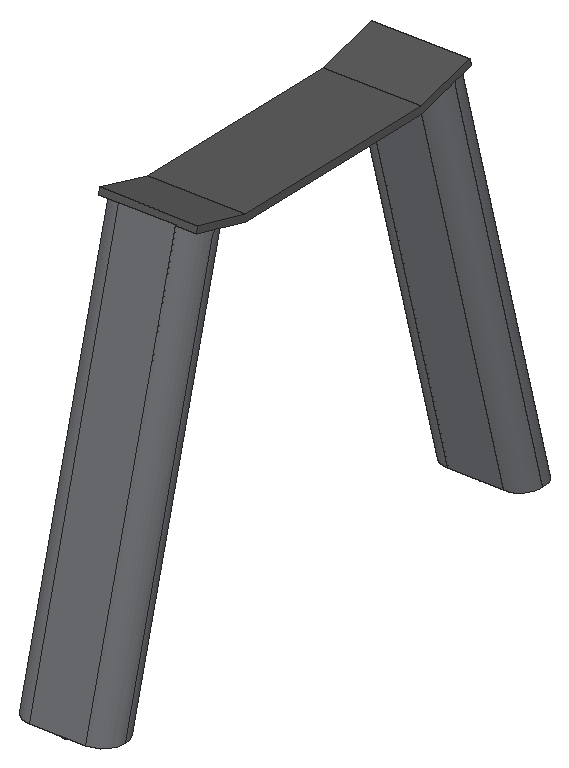
Revit family "PL80100", category Furniture, Revit 2020
Family settings
  OmniClass Number = 23.40.20.00
  OmniClass Title = General Furniture and Specialties
  Work Plane-Based = No
  Always vertical = Yes
  Cut with Voids When Loaded = No
  Shared = No
  Room Calculation Point = No
Parameters (values of type "PL80100")
  Width = 84 mm
  URL = "https://www.sandlerseating.com/product/pl80100/"
  Model = "PL80100"
  Manufacturer = "Sandler"
  Leg Finish = Epoxy - M2_G49
  Height = 450 mm
  Description = "Trestle Aluminum leg for Plania range. Epoxy painted finish. Assembly required"
  Depth = 480 mm
  Default Elevation = 0 mm
Reference planes
  plane 1 "Center (Front/Back)": y = 0
  plane 2: z = 0
  plane 3 "Center (Left/Right)": x = 0
  plane 4 "Right": x = -42
  plane 5 "Left": x = 42
  plane 6 "Back": y = 240
  plane 7 "Front": y = -240
  plane 8 "Height": z = 450
  plane 9 "Seat base": z = 387
  plane 10 "Glide Height": z = 4
  plane 11 "Leg Angle Right": through (4267.2, -129.457, 347.058) normal (0, 0.9659, -0.2588)
  plane 12 "Center L/U": through (4267.2, 129.457, 347.058) normal (0, 0.9659, 0.2588)
  plane 13 "RL C REF": y = -222.186
Forms (mm)
  Sweep 1, solid, material "Epoxy - M2_G49" <- "Leg Finish"
    path origin (0.106, 0, 0) x (0, 0, 1) y (0, -1, 0)
      loop
        line (-5.505, 223.926) -> (353.101, 127.837)
    profile "Pro_Leg_Lozenge : W84xH37" origin (0.106, -175.881, 173.798) x (0, -0.965926, 0.258819) y (1, 0, 0)
      loop
        arc (-18.48, -23.6) -> (-13.088, -36.618) -> (-0.07, -42.01) r 18.41
        arc (-0.07, -42.01) -> (13.007, -36.993) -> (18.48, -24.1) r 17.921
        line (18.48, -24.1) -> (18.48, 23.6)
        arc (18.48, 23.6) -> (13.038, 36.668) -> (-0.07, 42.01) r 18.41
        arc (-0.07, 42.01) -> (-13.088, 36.618) -> (-18.48, 23.6) r 18.41
        line (-18.48, 23.6) -> (-18.48, -23.6)
  Extrusion 2, void
    sketch origin (0.106, 0, 0) x (0, 0, 1) y (0, -1, 0)
      loop
        line (4, 243.879) -> (-11, 243.879) -> (-11, 200.581) -> (4, 200.581) -> (4, 243.879)
    from -43 to 43
  Sweep 3, solid, material "Epoxy - M2_G49" <- "Leg Finish"
    path origin (0.106, 0, 0) x (0, 0, 1) y (0, 1, 0)
      loop
        line (-5.505, 223.926) -> (353.101, 127.837)
    profile "Pro_Leg_Lozenge : W84xH37" origin (0.106, 175.881, 173.798) x (0, -0.965926, -0.258819) y (1, 0, 0)
      loop
        line (-18.48, 23.6) -> (-18.48, -23.6)
        arc (-18.48, -23.6) -> (-13.088, -36.618) -> (-0.07, -42.01) r 18.41
        arc (-0.07, -42.01) -> (13.038, -36.668) -> (18.48, -23.6) r 18.41
        line (18.48, -23.6) -> (18.48, 24.1)
        arc (18.48, 24.1) -> (13.007, 36.993) -> (-0.07, 42.01) r 17.921
        arc (-0.07, 42.01) -> (-13.088, 36.618) -> (-18.48, 23.6) r 18.41
  Extrusion 4, void
    sketch origin (0.106, 0, 0) x (0, 0, 1) y (0, -1, 0)
      loop
        line (4, -243.879) -> (4, -200.581) -> (-11, -200.581) -> (-11, -243.879) -> (4, -243.879)
    from -43 to 43
  Revolve 5, solid, material "Rubber, Black"
    sketch origin (-119.386, -222.186, 0) x (-1, 0, 0) y (0, 0, 1)
      loop
        line (-119.28, 0) -> (-106.067, 0)
        arc (-106.067, 0) -> (-104.829, 0.513) -> (-104.317, 1.75) r 1.75
        line (-104.317, 1.75) -> (-104.317, 6.884) -> (-119.28, 6.884) -> (-119.28, 0)
      axis (-119.28, 0) -> (-119.28, 6.884)
    angle from 0 to 360
  Revolve 6, solid, material "Rubber, Black"
    sketch origin (-119.28, 222.186, 0) x (-1, 0, 0) y (0, 0, -1)
      loop
        line (-119.28, 0) -> (-119.28, -6.884) -> (-104.317, -6.884) -> (-104.317, -1.75)
        arc (-104.317, -1.75) -> (-104.829, -0.513) -> (-106.067, 0) r 1.75
        line (-106.067, 0) -> (-119.28, 0)
      axis (-119.28, 0) -> (-119.28, -6.884)
    angle from 0 to 360
  Extrusion 7, solid, material "Epoxy - M1_B00 - Black"
    sketch origin (-41.684, 0, 0) x (0, 0, 1) y (0, -1, 0)
      loop
        line (357.884, 145.688) -> (343.836, 93.261) -> (343.836, -93.261) -> (357.884, -145.688) -> (363.496, -144.184) -> (349.852, -93.261) -> (349.852, 93.261) -> (363.496, 144.184) -> (357.884, 145.688)
    from 0 to 83.368
Cuts and joins
  Extrusion 2, Extrusion 4 cuts Sweep 1
  Extrusion 4 cuts Sweep 3
Dimensions and locks
  equal spacing: plane 4 "Right", plane 3 "Center (Left/Right)", plane 5 "Left"
  "Width": plane 4 "Right" to plane 5 "Left"
  equal spacing: plane 6 "Back", plane 1 "Center (Front/Back)", plane 7 "Front"
  "Depth": plane 6 "Back" to plane 7 "Front"
  "Height": plane 8 "Height" to level
  plane 9 "Seat base" to level = 387 mm
  level to Extrusion 2 = 4 mm
  aligned and locked: level to plane 2
Automatic sketch dimensions
  plane 11 "Leg Angle Right" to Sweep 1 sketch curve = 0 mm  (x2)
  Sweep 1 sketch curve to plane 13 "RL C REF" = 1.74 mm
  Sweep 1 sketch curve to plane 9 "Seat base" = 33.899 mm
  Extrusion 2 sketch curve to plane 10 "Glide Height" = 0 mm
  Extrusion 2 sketch curve to level = 11 mm
  plane 13 "RL C REF" to Extrusion 2 sketch curve = 21.605 mm
  Extrusion 2 sketch curve to plane 7 "Front" = 3.879 mm
  plane 12 "Center L/U" to Sweep 3 sketch curve = 0 mm  (x2)
  level to Sweep 3 sketch curve = 5.505 mm
  plane 9 "Seat base" to Sweep 3 sketch curve = 33.899 mm
  Extrusion 4 sketch curve to plane 10 "Glide Height" = 0 mm
  level to Extrusion 4 sketch curve = 11 mm
  plane 6 "Back" to Extrusion 4 sketch curve = 39.419 mm
  Extrusion 4 sketch curve to plane 6 "Back" = 3.879 mm
  Revolve 5 sketch curve to level = 0 mm
  level to Revolve 5 sketch curve = 1.75 mm
  plane 10 "Glide Height" to Revolve 5 sketch curve = 2.884 mm
  Revolve 5 sketch curve to level = 1.164 mm
  Revolve 5 sketch curve to Revolve 5 sketch curve = 1.138 mm
  Revolve 6 sketch curve to level = 0 mm
  level to Revolve 6 sketch curve = 1.75 mm
  plane 10 "Glide Height" to Revolve 6 sketch curve = 2.884 mm
  Revolve 6 sketch curve to Revolve 6 sketch curve = 1.138 mm
  Revolve 6 sketch curve to level = 1.164 mm
  Extrusion 7 sketch curve to plane 9 "Seat base" = 43.164 mm
  Extrusion 7 sketch curve to Extrusion 7 sketch curve = 6.016 mm
  Extrusion 7 sketch curve to plane 9 "Seat base" = 29.116 mm  (x2)
  Extrusion 7 sketch curve to Extrusion 7 sketch curve = 5.613 mm  (x2)
  Extrusion 7 sketch curve to plane 6 "Back" = 94.312 mm
  Extrusion 7 sketch curve to Extrusion 7 sketch curve = 1.504 mm
  plane 1 "Center (Front/Back)" to Extrusion 7 sketch curve = 93.261 mm
  Extrusion 7 sketch curve to Extrusion 7 sketch curve = 0 mm
  Revolve 5 sketch curve to plane 4 "Right" = 41.894 mm
  Revolve 5 sketch curve to Revolve 5 sketch curve = 13.213 mm
  Revolve 5 sketch curve to Revolve 5 sketch curve = 0 mm
  Revolve 6 sketch curve to plane 4 "Right" = 42 mm
  Revolve 6 sketch curve to Revolve 6 sketch curve = 13.213 mm
  Revolve 6 sketch curve to Revolve 6 sketch curve = 0 mm
